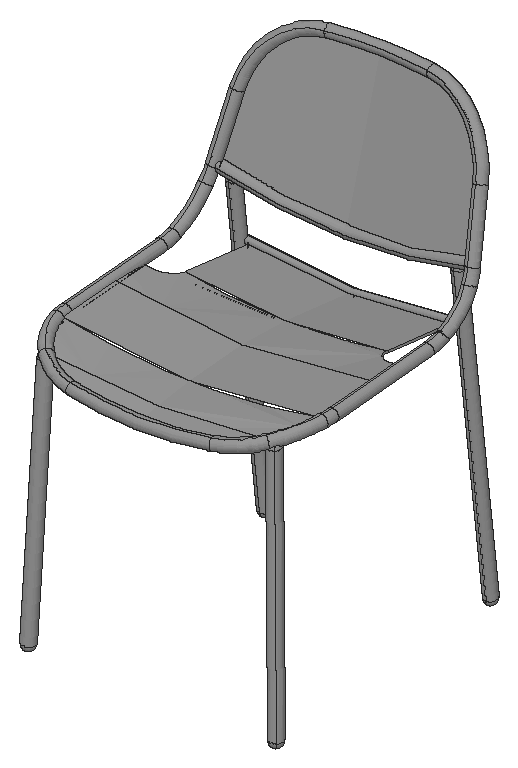
Revit family "Chair_Grille_Gohome_R18", category Furniture, Revit 2018
Family settings
  OmniClass Number = 23.40.20.00
  OmniClass Title = General Furniture and Specialties
  Work Plane-Based = No
  Always vertical = Yes
  Cut with Voids When Loaded = No
  Shared = No
  Room Calculation Point = No
Parameters (values of type "Stone Grey")
  Width = 480 mm
  Website = "www.gohome.com.au"
  Type Image = <None>
  Supplier = "Gohome"
  Model by = "Chris:p Soul"
  Mesh_Finish = Grille Chair_Stone Grey Mesh
  Design By = "Marcel Sigel"
  Description = "Grille Chair"
  Depth = 525 mm
  Contact = "+61 2 9565 5510"
  Frame_Finish = Grille Chair_Stone Grey
Types (5, lengths in mm): name | Mesh_Finish | Frame_Finish
  (no name) | Grille Chair_Stone Grey Mesh | Grille Chair_Stone Grey
  Matt White | Grille Chair_Matt White Mesh | Grille Chair_Matt White
  Matt Black | Grille Chair_Matt Black Mesh | Grille Chair_Matt Black
  Stone Grey | Grille Chair_Stone Grey Mesh | Grille Chair_Stone Grey
  Resada Green | Grille Chair_Resada Green Mesh | Grille Chair_Reseda Green
Reference planes
  plane 1 "Center (Front/Back)": y = 0
  plane 2: z = 0
  plane 3 "Center (Left/Right)": x = 0
  plane 4 "N": y = 262.5
  plane 5 "S": y = -262.5
  plane 6 "W": x = -240
  plane 7 "E": x = 240
  plane 8: z = 440
  plane 9: z = 780
Forms (mm)
  Sweep 1, solid, material "Grille Chair_Stone Grey" <- "Frame_Finish", not visible
    path origin (-820.668, 0, 203.554) x (1, 0, 0) y (0, 0, 1)
      loop
        line (570.733, 528.012) -> (1070.733, 528.012)
    profile origin (0.064, 0, 731.566) x (0, 0, 1) y (0, -1, 0)
      loop
        line (-108.623, -166.536) -> (-260.858, -119.994)
        arc (-260.858, -119.994) -> (-292.764, -96.598) -> (-303.169, -58.426) r 60
        line (-303.169, -58.426) -> (-281.263, 254.522)
        spline (-281.263, 254.522) -> (-281.257, 255.829) -> (-281.423, 257.125) -> (-281.756, 258.388) -> (-282.251, 259.598) -> (-282.9, 260.732) -> (-283.692, 261.772) -> (-284.613, 262.7) -> (-285.647, 263.5) -> (-286.777, 264.159) -> (-287.983, 264.664) -> (-289.245, 265.008) -> (-290.541, 265.184)
        line (-290.541, 265.184) -> (-291.834, 265.274) -> (-734.459, 296.194) -> (-734.459, 273.901) -> (-307.017, 244.042) -> (-328.425, -61.794)
        spline (-328.425, -61.794) -> (-328.303, -70.544) -> (-327.224, -79.228) -> (-325.201, -87.742) -> (-322.259, -95.984) -> (-318.432, -103.855) -> (-313.766, -111.261) -> (-308.318, -118.113) -> (-302.152, -124.329) -> (-295.344, -129.834) -> (-287.973, -134.563) -> (-280.129, -138.458) -> (-271.906, -141.473)
        line (-271.906, -141.473) -> (-110.496, -190.84)
        arc (-110.496, -190.84) -> (-107.722, -190.42) -> (-106.509, -187.89) r 3
        line (-106.509, -187.89) -> (-106.509, -169.182)
        spline (-106.509, -169.182) -> (-106.546, -168.884) -> (-106.613, -168.592) -> (-106.708, -168.308) -> (-106.831, -168.035) -> (-106.981, -167.775) -> (-107.156, -167.532) -> (-107.355, -167.308) -> (-107.575, -167.104) -> (-107.814, -166.924) -> (-108.07, -166.768) -> (-108.341, -166.638) -> (-108.623, -166.536)
  Extrusion 2, void, not visible
    sketch origin (0, 0, 0) x (1, 0, 0) y (0, 0, 1)
      loop
        line (-241.599, -65) -> (-195.458, 594.851)
        arc (-195.458, 594.851) -> (-185.991, 614.699) -> (-165.531, 622.758) r 30
        line (-165.531, 622.758) -> (165.862, 622.758)
        arc (165.862, 622.758) -> (186.322, 614.699) -> (195.789, 594.851) r 30
        line (195.789, 594.851) -> (241.93, -65) -> (367.21, -65) -> (367.21, 835.06) -> (13.239, 835.06) -> (-366.879, 835.06) -> (-366.879, -65) -> (-241.599, -65)
    from -326.217 to 362.964
  Sweep 3, solid, material "Grille Chair_Stone Grey" <- "Frame_Finish", not visible
    path origin (204.953, 265.712, 0) x (0, 1, 0) y (0, 0, 1)
      loop
        line (-34.577, 782.317) -> (-117.45, 511.254)
        arc (-117.45, 511.254) -> (-126.491, 462.205) -> (-124.17, 412.384) r 218.426
        line (-124.17, 412.384) -> (-57.209, 0)
    profile origin (204.953, 175.022, 206.192) x (0, 0.987072, 0.160277) y (1, 0, 0)
      loop
        line (-15.179, -204.922) -> (-15.179, -488.636) -> (5.708, -488.577) -> (5.708, -205.248) -> (5.708, 78.671) -> (-15.179, 78.729) -> (-15.179, -204.922)
  Extrusion 4, void, not visible
    sketch origin (0, 0, 0) x (1, 0, 0) y (0, 0, 1)
      loop
        arc (-274.397, 10.698) -> (-271.735, 3.18) -> (-264.422, 0) r 10
        line (-264.422, 0) -> (-246.379, 0)
        arc (-246.379, 0) -> (-239.565, 2.681) -> (-236.405, 9.288) r 10
        line (-236.405, 9.288) -> (-190.907, 659.94)
        arc (-190.907, 659.94) -> (-181.44, 679.788) -> (-160.98, 687.847) r 30
        line (-160.98, 687.847) -> (161.311, 687.847)
        arc (161.311, 687.847) -> (181.771, 679.788) -> (191.238, 659.94) r 30
        line (191.238, 659.94) -> (236.735, 9.297)
        arc (236.735, 9.297) -> (239.892, 2.685) -> (246.71, 0) r 10
        line (246.71, 0) -> (264.753, 0)
        arc (264.753, 0) -> (272.066, 3.18) -> (274.729, 10.698) r 10
        line (274.729, 10.698) -> (227.031, 692.802)
        arc (227.031, 692.802) -> (198.63, 752.346) -> (137.25, 776.524) r 90
        line (137.25, 776.524) -> (-136.919, 776.524)
        arc (-136.919, 776.524) -> (-198.299, 752.346) -> (-226.7, 692.802) r 90
        line (-226.7, 692.802) -> (-274.397, 10.698)
      loop
        line (13.239, 835.06) -> (-366.879, 835.06) -> (-366.879, -40) -> (-281.505, -40) -> (285.751, -40) -> (367.21, -40) -> (367.21, 835.06) -> (13.239, 835.06)
    from -424.588 to 138.074
  Extrusion 5, void, not visible
    sketch origin (0, -690, 0) x (1, 0, 0) y (0, 0, 1)
      loop
        arc (-198.311, 9.302) -> (-201.468, 2.686) -> (-208.288, 0) r 10
        line (-208.288, 0) -> (-226.33, 0)
        arc (-226.33, 0) -> (-233.644, 3.18) -> (-236.306, 10.698) r 10
        line (-236.306, 10.698) -> (-241.795, -67.79) -> (242.126, -67.79) -> (236.637, 10.698)
        arc (236.637, 10.698) -> (233.975, 3.18) -> (226.662, 0) r 10
        line (226.662, 0) -> (208.619, 0)
        arc (208.619, 0) -> (201.799, 2.686) -> (198.642, 9.302) r 10
        line (198.642, 9.302) -> (170.465, 412.258)
        arc (170.465, 412.258) -> (167.309, 418.874) -> (160.489, 421.561) r 10
        line (160.489, 421.561) -> (-160.158, 421.561)
        arc (-160.158, 421.561) -> (-166.978, 418.874) -> (-170.133, 412.258) r 10
        line (-170.133, 412.258) -> (-198.311, 9.302)
    from -445.955 to -356.965
  Extrusion 6, void
    sketch origin (970.024, 0, 0) x (1, 0, 0) y (0, 1, 0)
      loop
        line (-710.024, -277.612) -> (-710.024, 367.509) -> (-1230.024, 367.509) -> (-1230.024, -277.612) -> (-710.024, -277.612)
      loop
        line (-1141.382, 237.509) -> (-1141.382, 63.345)
        arc (-1141.382, 63.345) -> (-1151.633, 38.596) -> (-1176.382, 28.345) r 35
        line (-1176.382, 28.345) -> (-1196.705, 28.345) -> (-1196.705, -124.516)
        arc (-1196.705, -124.516) -> (-1166.55, -204.064) -> (-1091.241, -243.632) r 120
        arc (-1091.241, -243.632) -> (-971.546, -250.908) -> (-851.852, -243.632) r 988.172
        arc (-851.852, -243.632) -> (-776.542, -204.064) -> (-746.387, -124.516) r 120
        line (-746.387, -124.516) -> (-746.387, 28.345) -> (-766.579, 28.345)
        arc (-766.579, 28.345) -> (-791.328, 38.596) -> (-801.579, 63.345) r 35
        line (-801.579, 63.345) -> (-801.579, 237.509) -> (-1141.382, 237.509)
    from 0 to 494.702
  Extrusion 7, void
    sketch origin (0, 0, 0) x (1, 0, 0) y (0, 0, 1)
      loop
        arc (-218.502, 556.051) -> (0, 524.274) -> (218.502, 556.051) r 767.098
        line (218.502, 556.051) -> (205.13, 659.014)
        arc (205.13, 659.014) -> (166.025, 734.703) -> (87.505, 767.792) r 125
        arc (87.505, 767.792) -> (-0.028, 770) -> (-87.559, 767.752) r 1720.436
        arc (-87.559, 767.752) -> (-166.045, 734.684) -> (-205.13, 659.014) r 125
        line (-205.13, 659.014) -> (-218.502, 556.051)
      loop
        line (-293.748, 440) -> (-30.536, 440) -> (306.252, 440) -> (306.252, 830.584) -> (-293.748, 830.584) -> (-293.748, 440)
    from -459.555 to 250
  Sweep 8, solid, material "Grille Chair_Stone Grey Mesh" <- "Mesh_Finish"
    path origin (0, 0, 0) x (0, 1, 0) y (0, 0, 1)
      loop
        line (201.426, 449.963) -> (62.06, 467.708)
        arc (62.06, 467.708) -> (14.777, 471.589) -> (-32.665, 471.228) r 530.252
        line (-32.665, 471.228) -> (-144.146, 465.386)
        arc (-144.146, 465.386) -> (-178.913, 462.344) -> (-213.383, 456.884) r 500
        line (-213.383, 456.884) -> (-262.5, 447.337)
    profile origin (0, -88.405, 468.307) x (0, 0.052336, -0.99863) y (1, 0, 0)
      loop
        line (-5, -240) -> (-2, -240)
        arc (-2, -240) -> (24.501, 0) -> (-2, 240) r 1100
        line (-2, 240) -> (-5, 240)
        arc (-5, 240) -> (21.501, 0) -> (-5, -240) r 1100
  Sweep 9, solid, material "Grille Chair_Stone Grey" <- "Frame_Finish"
    path in 3D
      loop
        arc (225.159, 107.315, 480.707) -> (225.159, 91.845, 476.484) -> (225.159, 75.931, 474.504) r 112.412
        line (225.159, 75.931, 474.504) -> (225.159, -124.516, 463.999)
        spline (225.159, -124.516, 463.999) -> (225.148, -126.151, 463.912) -> (225.114, -127.785, 463.821) -> (225.059, -129.416, 463.727) -> (224.981, -131.045, 463.629) -> (224.882, -132.673, 463.528) -> (224.76, -134.298, 463.424) -> (224.616, -135.921, 463.316) -> (224.45, -137.542, 463.205) -> (224.262, -139.161, 463.091) -> (224.052, -140.779, 462.973) -> (223.82, -142.394, 462.852) -> (223.566, -144.007, 462.728)
        spline (223.566, -144.007, 462.728) -> (222.314, -150.493, 462.144) -> (220.711, -156.885, 461.439) -> (218.765, -163.165, 460.61) -> (216.483, -169.314, 459.662) -> (213.877, -175.314, 458.604) -> (210.955, -181.148, 457.451) -> (207.729, -186.801, 456.214) -> (204.209, -192.259, 454.908) -> (200.405, -197.51, 453.546) -> (196.33, -202.54, 452.136) -> (191.996, -207.337, 450.683) -> (187.416, -211.887, 449.191)
        spline (187.416, -211.887, 449.191) -> (182.713, -216.089, 447.758) -> (177.815, -220.022, 446.368) -> (172.718, -223.692, 445.023) -> (167.419, -227.1, 443.723) -> (161.931, -230.236, 442.474) -> (156.271, -233.086, 441.284) -> (150.457, -235.638, 440.158) -> (144.51, -237.881, 439.102) -> (138.451, -239.805, 438.123) -> (132.298, -241.404, 437.224) -> (126.048, -242.679, 436.407) -> (119.694, -243.632, 435.671)
        spline (119.694, -243.632, 435.671) -> (99.866, -245.851, 433.706) -> (79.979, -247.668, 432.094) -> (60.039, -249.083, 430.837) -> (40.055, -250.095, 429.938) -> (20.037, -250.704, 429.397) -> (0.002, -250.907, 429.216) -> (-20.035, -250.705, 429.396) -> (-40.057, -250.096, 429.937) -> (-60.048, -249.082, 430.838) -> (-79.989, -247.666, 432.095) -> (-99.871, -245.85, 433.707) -> (-119.694, -243.632, 435.671)
        spline (-119.694, -243.632, 435.671) -> (-126.048, -242.679, 436.407) -> (-132.298, -241.404, 437.224) -> (-138.451, -239.805, 438.123) -> (-144.51, -237.881, 439.102) -> (-150.457, -235.638, 440.158) -> (-156.271, -233.086, 441.284) -> (-161.931, -230.236, 442.474) -> (-167.419, -227.1, 443.723) -> (-172.718, -223.692, 445.023) -> (-177.815, -220.022, 446.368) -> (-182.713, -216.089, 447.758) -> (-187.416, -211.887, 449.191)
        spline (-187.416, -211.887, 449.191) -> (-191.997, -207.336, 450.679) -> (-196.332, -202.539, 452.127) -> (-200.406, -197.509, 453.539) -> (-204.209, -192.26, 454.909) -> (-207.728, -186.802, 456.22) -> (-210.954, -181.147, 457.457) -> (-213.876, -175.311, 458.608) -> (-216.483, -169.311, 459.663) -> (-218.765, -163.164, 460.611) -> (-220.711, -156.885, 461.439) -> (-222.314, -150.493, 462.144) -> (-223.566, -144.007, 462.728)
        spline (-223.566, -144.007, 462.728) -> (-223.82, -142.394, 462.852) -> (-224.052, -140.779, 462.973) -> (-224.262, -139.161, 463.091) -> (-224.45, -137.542, 463.205) -> (-224.616, -135.921, 463.316) -> (-224.76, -134.298, 463.424) -> (-224.882, -132.673, 463.528) -> (-224.981, -131.045, 463.629) -> (-225.059, -129.416, 463.727) -> (-225.114, -127.785, 463.821) -> (-225.148, -126.151, 463.912) -> (-225.159, -124.516, 463.999)
        line (-225.159, -124.516, 463.999) -> (-225.159, 75.931, 474.504)
        arc (-225.159, 75.931, 474.504) -> (-225.159, 89.549, 476.055) -> (-225.159, 102.877, 479.251) r 112.412
        spline (-225.159, 102.877, 479.251) -> (-225.153, 109.557, 481.524) -> (-225.128, 116.052, 484.19) -> (-225.078, 122.37, 487.255) -> (-224.993, 128.498, 490.711) -> (-224.863, 134.403, 494.539) -> (-224.679, 140.059, 498.72) -> (-224.43, 145.446, 503.236) -> (-224.107, 150.545, 508.065) -> (-223.699, 155.339, 513.187) -> (-223.196, 159.809, 518.581) -> (-222.59, 163.942, 524.226) -> (-221.87, 167.741, 530.122)
        spline (-221.87, 167.741, 530.122) -> (-221.625, 168.852, 532.007) -> (-221.378, 169.926, 533.908) -> (-221.129, 170.961, 535.828) -> (-220.877, 171.959, 537.765) -> (-220.623, 172.919, 539.719) -> (-220.367, 173.841, 541.692) -> (-220.109, 174.726, 543.681) -> (-219.848, 175.572, 545.689) -> (-219.585, 176.381, 547.714) -> (-219.32, 177.151, 549.756) -> (-219.052, 177.884, 551.816) -> (-218.782, 178.579, 553.894)
        line (-218.782, 178.579, 553.894) -> (-205.13, 212.522, 659.014)
        spline (-205.13, 212.522, 659.014) -> (-202.484, 217.165, 673.049) -> (-198.277, 221.892, 686.633) -> (-192.547, 226.653, 699.665) -> (-185.367, 231.364, 711.965) -> (-176.807, 235.955, 723.407) -> (-166.956, 240.342, 733.834) -> (-155.908, 244.445, 743.112) -> (-143.775, 248.183, 751.108) -> (-130.7, 251.474, 757.685) -> (-116.829, 254.241, 762.721) -> (-102.4, 256.406, 766.097) -> (-87.559, 257.925, 767.752)
        spline (-87.559, 257.925, 767.752) -> (-72.998, 258.976, 768.436) -> (-58.421, 259.836, 768.996) -> (-43.833, 260.506, 769.433) -> (-29.235, 260.986, 769.746) -> (-14.632, 261.274, 769.935) -> (-0.026, 261.371, 770) -> (14.58, 261.276, 769.941) -> (29.183, 260.991, 769.759) -> (43.78, 260.514, 769.453) -> (58.368, 259.847, 769.022) -> (72.944, 258.989, 768.469) -> (87.505, 257.941, 767.792)
        spline (87.505, 257.941, 767.792) -> (102.357, 256.413, 766.109) -> (116.791, 254.246, 762.729) -> (130.667, 251.481, 757.697) -> (143.742, 248.191, 751.123) -> (155.888, 244.451, 743.124) -> (166.943, 240.347, 733.845) -> (176.798, 235.959, 723.417) -> (185.361, 231.369, 711.977) -> (192.544, 226.656, 699.671) -> (198.276, 221.893, 686.634) -> (202.485, 217.164, 673.046) -> (205.13, 212.522, 659.014)
        line (205.13, 212.522, 659.014) -> (218.782, 178.579, 553.894)
        spline (218.782, 178.579, 553.894) -> (219.052, 177.884, 551.816) -> (219.32, 177.151, 549.756) -> (219.585, 176.381, 547.714) -> (219.848, 175.572, 545.689) -> (220.109, 174.726, 543.681) -> (220.367, 173.841, 541.692) -> (220.623, 172.919, 539.719) -> (220.877, 171.959, 537.765) -> (221.129, 170.961, 535.828) -> (221.378, 169.926, 533.908) -> (221.625, 168.852, 532.007) -> (221.87, 167.741, 530.122)
        spline (221.87, 167.741, 530.122) -> (222.582, 163.995, 524.303) -> (223.181, 159.927, 518.733) -> (223.679, 155.531, 513.406) -> (224.087, 150.816, 508.336) -> (224.411, 145.801, 503.55) -> (224.662, 140.506, 499.073) -> (224.848, 134.953, 494.924) -> (224.981, 129.161, 491.117) -> (225.069, 123.152, 487.67) -> (225.123, 116.947, 484.595) -> (225.15, 110.568, 481.908) -> (225.159, 104.017, 479.607)
    profile origin (-224.679, 140.059, 498.72) x (-0.038701, 0.61928, -0.784216) y (-0.998784, 0.000001, 0.049291)
      loop
        circle (0, 0) r 10
  Sweep 10, solid, material "Grille Chair_Stone Grey Mesh" <- "Mesh_Finish"
    path origin (0, 0, 0) x (0, 1, 0) y (0, 0, 1)
      loop
        line (159.448, 502.449) -> (243.502, 780)
    profile origin (0, 201.475, 641.224) x (0, -0.957074, 0.289844) y (1, 0, 0)
      loop
        arc (0, -240) -> (-20, 0) -> (0, 240) r 1450
        line (0, 240) -> (-2, 240)
        arc (-2, 240) -> (-22, 0) -> (-2, -240) r 1450
        line (-2, -240) -> (0, -240)
  Sweep 11, solid, material "Grille Chair_Stone Grey" <- "Frame_Finish"
    path in 3D
      loop
        spline (218.502, 181.367, 556.051) -> (182.891, 183.643, 546.395) -> (146.859, 185.55, 538.463) -> (110.467, 187.062, 532.27) -> (73.796, 188.157, 527.832) -> (36.943, 188.822, 525.164) -> (0.001, 189.043, 524.274) -> (-36.941, 188.822, 525.164) -> (-73.794, 188.157, 527.832) -> (-110.465, 187.062, 532.27) -> (-146.858, 185.55, 538.462) -> (-182.891, 183.643, 546.395) -> (-218.502, 181.367, 556.051)
    profile origin (0.001, 189.043, 524.274) x (0, 1, 0) y (0.000002, 0, -1)
      loop
        circle (0, 0) r 10
  Sweep 12, solid, material "Grille Chair_Stone Grey" <- "Frame_Finish"
    path in 3D
      loop
        arc (195.056, 200.912, 445.927) -> (0.418, 198.711, 428.635) -> (-194.233, 200.894, 445.78) r 1100
    profile origin (0.418, 198.711, 428.635) x (-0.00038, 0.126305, 0.991991) y (0, 0.991991, -0.126305)
      loop
        circle (0, 0) r 6
  Revolve 13, solid, material "Grille Chair_Stone Grey" <- "Frame_Finish"
    sketch origin (-190.147, 13.606, 0) x (0, 1, 0) y (0, 0, 1)
      loop
        line (239.866, -0.042) -> (171.171, 549.663)
        arc (171.171, 549.663) -> (164.128, 545.399) -> (162.017, 537.441) r 11
        line (162.017, 537.441) -> (227.986, 9.551)
        arc (227.986, 9.551) -> (231.99, 2.357) -> (239.866, -0.042) r 11
      axis (171.171, 549.663) -> (239.866, -0.042)
    angle from 0 to 360
  Revolve 14, solid, material "Grille Chair_Stone Grey" <- "Frame_Finish"
    sketch origin (-31.518, -45.93, 0) x (-0.707107, -0.707107, 0) y (0, 0, 1)
      loop
        line (251.238, -0.732) -> (227.542, 450.853)
        arc (227.542, 450.853) -> (219.943, 447.228) -> (217.133, 439.292) r 11
        line (217.133, 439.292) -> (239.677, 9.676)
        arc (239.677, 9.676) -> (243.301, 2.078) -> (251.238, -0.732) r 11
      axis (227.542, 450.853) -> (251.238, -0.732)
    angle from 0 to 360
  Revolve 15, solid, material "Grille Chair_Stone Grey" <- "Frame_Finish"
    sketch origin (190.147, 13.606, 0) x (0, 1, 0) y (0, 0, -1)
      loop
        arc (239.866, 0.042) -> (231.99, -2.357) -> (227.986, -9.551) r 11
        line (227.986, -9.551) -> (162.017, -537.441)
        arc (162.017, -537.441) -> (164.128, -545.399) -> (171.171, -549.663) r 11
        line (171.171, -549.663) -> (239.866, 0.042)
      axis (171.171, -549.663) -> (239.866, 0.042)
    angle from 0 to 360
  Revolve 16, solid, material "Grille Chair_Stone Grey" <- "Frame_Finish"
    sketch origin (31.518, -45.93, 0) x (0.707107, -0.707107, 0) y (0, 0, -1)
      loop
        arc (251.238, 0.732) -> (243.301, -2.078) -> (239.677, -9.676) r 11
        line (239.677, -9.676) -> (217.133, -439.292)
        arc (217.133, -439.292) -> (219.943, -447.228) -> (227.542, -450.853) r 11
        line (227.542, -450.853) -> (251.238, 0.732)
      axis (227.542, -450.853) -> (251.238, 0.732)
    angle from 0 to 360
Cuts and joins
  Extrusion 7 cuts Sweep 10
  Extrusion 6 cuts Sweep 8
Lines and regions (mm)
  Masking region 1, not visible
    outline origin (0, 0, 0) x (1, 0, 0) y (0, 1, 0)
      loop
        line (-3751.129, -1414.691) -> (-3665.81, -901.196) -> (-3670.036, -892.744)
        arc (-3670.036, -892.744) -> (-3671.226, -891.137) -> (-3672.892, -890.031) r 5.785
        line (-3672.892, -890.031) -> (-3685.183, -884.654) -> (-3772.748, -1411.097)
        arc (-3772.748, -1411.097) -> (-3763.736, -1423.704) -> (-3751.129, -1414.691) r 10.958
  Masking region 2, not visible
    outline origin (0, 0, 0) x (1, 0, 0) y (0, 1, 0)
      loop
        arc (-3548.688, -952.131) -> (-3614.338, -928.943) -> (-3654.021, -871.734) r 113.27
        arc (-3654.021, -871.734) -> (-3673.554, -804.382) -> (-3693.822, -737.248) r 6413.708
        arc (-3693.822, -737.248) -> (-3713.953, -692.494) -> (-3744.457, -654.053) r 198.327
        arc (-3744.457, -654.053) -> (-3746.72, -652.298) -> (-3749.327, -651.113) r 12.326
        line (-3749.327, -651.113) -> (-3762.386, -646.926)
        arc (-3762.386, -646.926) -> (-3775.253, -654.854) -> (-3767.996, -668.111) r 10.972
        line (-3767.996, -668.111) -> (-3756.475, -671.805)
        arc (-3756.475, -671.805) -> (-3733.182, -699.427) -> (-3718.101, -732.261) r 134.239
        arc (-3718.101, -732.261) -> (-3695.851, -806.447) -> (-3674.226, -880.818) r 9202.941
        arc (-3674.226, -880.818) -> (-3626.553, -947.286) -> (-3549.285, -974.123) r 135.27
      loop
        line (-3549.287, -974.215) -> (-3506.194, -975.385)
        arc (-3506.194, -975.385) -> (-3447.552, -978.308) -> (-3388.87, -980.313) r 3753.977
        arc (-3388.87, -980.313) -> (-3333.094, -985.655) -> (-3278.587, -998.638) r 405.388
        arc (-3278.587, -998.638) -> (-3272.382, -1001.364) -> (-3266.93, -1005.389) r 30.594
        arc (-3266.93, -1005.389) -> (-3255.088, -1000.985) -> (-3255.338, -988.353) r 10.914
        arc (-3255.338, -988.353) -> (-3262.959, -981.873) -> (-3272.023, -977.64) r 37.465
        arc (-3272.023, -977.64) -> (-3329.488, -963.953) -> (-3388.291, -958.32) r 427.388
        arc (-3388.291, -958.32) -> (-3446.796, -956.32) -> (-3505.261, -953.403) r 3731.977
        line (-3505.261, -953.403) -> (-3548.69, -952.223)
  Masking region 3, not visible
    outline origin (0, 0, 0) x (1, 0, 0) y (0, 1, 0)
      loop
        line (-3748.301, -679.859) -> (-3700.321, -887.597) -> (-3677.002, -871.137)
        arc (-3677.002, -871.137) -> (-3697.278, -801.618) -> (-3718.101, -732.261) r 9202.941
        arc (-3718.101, -732.261) -> (-3730.211, -704.337) -> (-3748.301, -679.859) r 134.239
  Masking region 4, not visible
    outline origin (0, 0, 0) x (1, 0, 0) y (0, 1, 0)
      loop
        line (-3310.838, -990.461) -> (-3295.207, -1413.381)
        arc (-3295.207, -1413.381) -> (-3284.213, -1424.374) -> (-3273.22, -1413.381) r 10.993
        line (-3273.22, -1413.381) -> (-3288.884, -988.529)
        arc (-3288.884, -988.529) -> (-3289.772, -984.422) -> (-3292.022, -980.873) r 11.993
        arc (-3292.022, -980.873) -> (-3300.196, -988.088) -> (-3310.838, -990.461) r 21.871
  Masking region 5, not visible
    outline origin (0, 0, 0) x (1, 0, 0) y (0, 1, 0)
      loop
        arc (-3713.68, -897.891) -> (-3716.881, -912.035) -> (-3703.281, -917.07) r 11.004
        line (-3703.281, -917.07) -> (-3669.431, -893.375)
        arc (-3669.431, -893.375) -> (-3673.685, -882.443) -> (-3676.975, -871.184) r 135.27
        line (-3676.975, -871.184) -> (-3713.68, -897.891)
  Masking region 6, not visible
    outline origin (0, 0, 0) x (1, 0, 0) y (0, 1, 0)
      loop
        arc (-3326.24, -986.855) -> (-3357.428, -982.366) -> (-3388.87, -980.313) r 405.388
        arc (-3388.87, -980.313) -> (-3447.552, -978.308) -> (-3506.194, -975.385) r 3753.977
        line (-3506.194, -975.385) -> (-3559.011, -973.951) -> (-3677.899, -973.951) -> (-3683.256, -1006.192) -> (-3326.24, -986.855)
  Masking region 7
    outline origin (0, 2.579, 80.241) x (0, 1, 0) y (0, 0, 1)
      loop
        arc (32.99, 394.318) -> (98.64, 417.507) -> (138.324, 474.715) r 113.27
        arc (138.324, 474.715) -> (157.856, 542.067) -> (178.124, 609.201) r 6413.708
        arc (178.124, 609.201) -> (198.255, 653.955) -> (228.759, 692.396) r 198.327
        arc (228.759, 692.396) -> (231.022, 694.151) -> (233.629, 695.336) r 12.326
        line (233.629, 695.336) -> (246.688, 699.523)
        arc (246.688, 699.523) -> (259.555, 691.596) -> (252.299, 678.338) r 10.972
        line (252.299, 678.338) -> (240.777, 674.644)
        arc (240.777, 674.644) -> (217.485, 647.022) -> (202.403, 614.188) r 134.239
        arc (202.403, 614.188) -> (180.153, 540.002) -> (158.528, 465.631) r 9202.941
        arc (158.528, 465.631) -> (110.856, 399.164) -> (33.587, 372.326) r 135.27
      loop
        line (33.59, 372.234) -> (-9.503, 371.064)
        arc (-9.503, 371.064) -> (-68.146, 368.142) -> (-126.827, 366.137) r 3753.977
        arc (-126.827, 366.137) -> (-182.603, 360.794) -> (-237.11, 347.812) r 405.388
        arc (-237.11, 347.812) -> (-243.315, 345.086) -> (-248.768, 341.06) r 30.594
        arc (-248.768, 341.06) -> (-260.609, 345.464) -> (-260.359, 358.096) r 10.914
        arc (-260.359, 358.096) -> (-252.738, 364.577) -> (-243.674, 368.81) r 37.465
        arc (-243.674, 368.81) -> (-186.209, 382.497) -> (-127.406, 388.129) r 427.388
        arc (-127.406, 388.129) -> (-68.902, 390.129) -> (-10.436, 393.047) r 3731.977
        line (-10.436, 393.047) -> (32.993, 394.226)
  Masking region 8
    outline origin (0, 77.293, -25.734) x (0, 1, 0) y (0, 0, 1)
      loop
        arc (159.399, 35.481) -> (172.005, 26.468) -> (181.017, 39.075) r 10.958
        line (181.017, 39.075) -> (93.452, 565.519) -> (81.161, 560.141)
        arc (81.161, 560.141) -> (79.495, 559.035) -> (78.306, 557.429) r 5.785
        line (78.306, 557.429) -> (74.08, 548.976) -> (159.399, 35.481)
  Masking region 9
    outline origin (0, -79.847, -26.467) x (0, 1, 0) y (0, 0, 1)
      loop
        line (280.498, 555.531) -> (243.793, 582.238)
        arc (243.793, 582.238) -> (240.503, 570.979) -> (236.249, 560.047) r 135.27
        line (236.249, 560.047) -> (270.099, 536.352)
        arc (270.099, 536.352) -> (283.699, 541.387) -> (280.498, 555.531) r 11.004
  Masking region 10
    outline origin (0, 0, 0) x (0, 1, 0) y (0, 0, 1)
      loop
        line (-188.388, 439.749) -> (168.628, 420.412) -> (163.271, 452.653) -> (44.383, 452.653) -> (-8.433, 451.219)
        arc (-8.433, 451.219) -> (-67.076, 448.296) -> (-125.757, 446.291) r 3753.977
        arc (-125.757, 446.291) -> (-157.2, 444.238) -> (-188.388, 439.749) r 405.388
  Masking region 11
    outline origin (0, 0, 0) x (0, 1, 0) y (0, 0, 1)
      loop
        arc (-212.27, 433.913) -> (-222.911, 436.285) -> (-231.086, 443.5) r 21.871
        arc (-231.086, 443.5) -> (-233.336, 439.952) -> (-234.224, 435.845) r 11.993
        line (-234.224, 435.845) -> (-249.887, 10.993)
        arc (-249.887, 10.993) -> (-238.894, 0) -> (-227.901, 10.993) r 10.993
        line (-227.901, 10.993) -> (-212.27, 433.913)
  Masking region 12
    outline origin (0, 0, 0) x (0, 1, 0) y (0, 0, 1)
      loop
        arc (235.299, 747.009) -> (217.209, 722.531) -> (205.099, 694.607) r 134.239
        arc (205.099, 694.607) -> (184.276, 625.25) -> (164, 555.731) r 9202.941
        line (164, 555.731) -> (187.319, 539.271) -> (235.299, 747.009)
  sketch lines
    curve 1: spline (-225.159, 102.877, 479.251) -> (-225.153, 109.557, 481.524) -> (-225.128, 116.052, 484.19) -> (-225.078, 122.37, 487.255) -> (-224.993, 128.498, 490.711) -> (-224.863, 134.403, 494.539) -> (-224.679, 140.059, 498.72) -> (-224.43, 145.446, 503.236) -> (-224.107, 150.545, 508.065) -> (-223.699, 155.339, 513.187) -> (-223.196, 159.809, 518.581) -> (-222.59, 163.942, 524.226) -> (-221.87, 167.741, 530.122)
    curve 2: arc (-225.159, 102.877, 479.251) -> (-225.159, 89.549, 476.055) -> (-225.159, 75.931, 474.504) r 112.412
    curve 3: line (-225.159, 75.931, 474.504) -> (-225.159, -124.516, 463.999)
    curve 4: spline (-218.782, 178.579, 553.894) -> (-217.645, 181.411, 562.648) -> (-216.508, 184.243, 571.404) -> (-215.371, 187.074, 580.16) -> (-214.234, 189.904, 588.917) -> (-213.096, 192.733, 597.676) -> (-211.959, 195.562, 606.435) -> (-210.821, 198.39, 615.196) -> (-209.683, 201.218, 623.957) -> (-208.545, 204.045, 632.72) -> (-207.407, 206.871, 641.484) -> (-206.269, 209.697, 650.248) -> (-205.13, 212.522, 659.014)
    curve 5: spline (-221.87, 167.741, 530.122) -> (-221.625, 168.852, 532.007) -> (-221.378, 169.926, 533.908) -> (-221.129, 170.961, 535.828) -> (-220.877, 171.959, 537.765) -> (-220.623, 172.919, 539.719) -> (-220.367, 173.841, 541.692) -> (-220.109, 174.726, 543.681) -> (-219.848, 175.572, 545.689) -> (-219.585, 176.381, 547.714) -> (-219.32, 177.151, 549.756) -> (-219.052, 177.884, 551.816) -> (-218.782, 178.579, 553.894)
    curve 6: spline (-87.559, 257.925, 767.752) -> (-102.4, 256.406, 766.097) -> (-116.829, 254.241, 762.721) -> (-130.7, 251.474, 757.685) -> (-143.775, 248.183, 751.108) -> (-155.908, 244.445, 743.112) -> (-166.956, 240.342, 733.834) -> (-176.807, 235.955, 723.407) -> (-185.367, 231.364, 711.965) -> (-192.547, 226.653, 699.665) -> (-198.277, 221.892, 686.633) -> (-202.484, 217.165, 673.049) -> (-205.13, 212.522, 659.014)
    curve 7: spline (87.505, 257.941, 767.792) -> (72.944, 258.989, 768.469) -> (58.368, 259.847, 769.022) -> (43.78, 260.514, 769.453) -> (29.183, 260.991, 769.759) -> (14.58, 261.276, 769.941) -> (-0.026, 261.371, 770) -> (-14.632, 261.274, 769.935) -> (-29.235, 260.986, 769.746) -> (-43.833, 260.506, 769.433) -> (-58.421, 259.836, 768.996) -> (-72.998, 258.976, 768.436) -> (-87.559, 257.925, 767.752)
    curve 8: spline (-225.159, -124.516, 463.999) -> (-225.148, -126.151, 463.912) -> (-225.114, -127.785, 463.821) -> (-225.059, -129.416, 463.727) -> (-224.981, -131.045, 463.629) -> (-224.882, -132.673, 463.528) -> (-224.76, -134.298, 463.424) -> (-224.616, -135.921, 463.316) -> (-224.45, -137.542, 463.205) -> (-224.262, -139.161, 463.091) -> (-224.052, -140.779, 462.973) -> (-223.82, -142.394, 462.852) -> (-223.566, -144.007, 462.728)
    curve 9: spline (-187.416, -211.887, 449.191) -> (-191.997, -207.336, 450.679) -> (-196.332, -202.539, 452.127) -> (-200.406, -197.509, 453.539) -> (-204.209, -192.26, 454.909) -> (-207.728, -186.802, 456.22) -> (-210.954, -181.147, 457.457) -> (-213.876, -175.311, 458.608) -> (-216.483, -169.311, 459.663) -> (-218.765, -163.164, 460.611) -> (-220.711, -156.885, 461.439) -> (-222.314, -150.493, 462.144) -> (-223.566, -144.007, 462.728)
    curve 10: spline (-187.416, -211.887, 449.191) -> (-182.713, -216.089, 447.758) -> (-177.815, -220.022, 446.368) -> (-172.718, -223.692, 445.023) -> (-167.419, -227.1, 443.723) -> (-161.931, -230.236, 442.474) -> (-156.271, -233.086, 441.284) -> (-150.457, -235.638, 440.158) -> (-144.51, -237.881, 439.102) -> (-138.451, -239.805, 438.123) -> (-132.298, -241.404, 437.224) -> (-126.048, -242.679, 436.407) -> (-119.694, -243.632, 435.671)
    curve 11: spline (-119.694, -243.632, 435.671) -> (-99.871, -245.85, 433.707) -> (-79.989, -247.666, 432.095) -> (-60.048, -249.082, 430.838) -> (-40.057, -250.096, 429.937) -> (-20.035, -250.705, 429.396) -> (0.002, -250.907, 429.216) -> (20.037, -250.704, 429.397) -> (40.055, -250.095, 429.938) -> (60.039, -249.083, 430.837) -> (79.979, -247.668, 432.094) -> (99.866, -245.851, 433.706) -> (119.694, -243.632, 435.671)
    curve 12: spline (205.13, 212.522, 659.014) -> (202.485, 217.164, 673.046) -> (198.276, 221.893, 686.634) -> (192.544, 226.656, 699.671) -> (185.361, 231.369, 711.977) -> (176.798, 235.959, 723.417) -> (166.943, 240.347, 733.845) -> (155.888, 244.451, 743.124) -> (143.742, 248.191, 751.123) -> (130.667, 251.481, 757.697) -> (116.791, 254.246, 762.729) -> (102.357, 256.413, 766.109) -> (87.505, 257.941, 767.792)
    curve 13: spline (205.13, 212.522, 659.014) -> (206.269, 209.697, 650.248) -> (207.407, 206.871, 641.484) -> (208.545, 204.045, 632.72) -> (209.683, 201.218, 623.957) -> (210.821, 198.39, 615.196) -> (211.959, 195.562, 606.435) -> (213.096, 192.733, 597.676) -> (214.234, 189.904, 588.917) -> (215.371, 187.074, 580.16) -> (216.508, 184.243, 571.404) -> (217.645, 181.411, 562.648) -> (218.782, 178.579, 553.894)
    curve 14: spline (218.782, 178.579, 553.894) -> (219.052, 177.884, 551.816) -> (219.32, 177.151, 549.756) -> (219.585, 176.381, 547.714) -> (219.848, 175.572, 545.689) -> (220.109, 174.726, 543.681) -> (220.367, 173.841, 541.692) -> (220.623, 172.919, 539.719) -> (220.877, 171.959, 537.765) -> (221.129, 170.961, 535.828) -> (221.378, 169.926, 533.908) -> (221.625, 168.852, 532.007) -> (221.87, 167.741, 530.122)
    curve 15: spline (221.87, 167.741, 530.122) -> (222.582, 163.995, 524.303) -> (223.181, 159.927, 518.733) -> (223.679, 155.531, 513.406) -> (224.087, 150.816, 508.336) -> (224.411, 145.801, 503.55) -> (224.662, 140.506, 499.073) -> (224.848, 134.953, 494.924) -> (224.981, 129.161, 491.117) -> (225.069, 123.152, 487.67) -> (225.123, 116.947, 484.595) -> (225.15, 110.568, 481.908) -> (225.159, 104.017, 479.607)
    curve 16: arc (225.159, 75.931, 474.504) -> (225.159, 91.845, 476.484) -> (225.159, 107.315, 480.707) r 112.412
    curve 17: line (225.159, -124.516, 463.999) -> (225.159, 75.931, 474.504)
    curve 18: spline (223.566, -144.007, 462.728) -> (223.82, -142.394, 462.852) -> (224.052, -140.779, 462.973) -> (224.262, -139.161, 463.091) -> (224.45, -137.542, 463.205) -> (224.616, -135.921, 463.316) -> (224.76, -134.298, 463.424) -> (224.882, -132.673, 463.528) -> (224.981, -131.045, 463.629) -> (225.059, -129.416, 463.727) -> (225.114, -127.785, 463.821) -> (225.148, -126.151, 463.912) -> (225.159, -124.516, 463.999)
    curve 19: spline (223.566, -144.007, 462.728) -> (222.314, -150.493, 462.144) -> (220.711, -156.885, 461.439) -> (218.765, -163.165, 460.61) -> (216.483, -169.314, 459.662) -> (213.877, -175.314, 458.604) -> (210.955, -181.148, 457.451) -> (207.729, -186.801, 456.214) -> (204.209, -192.259, 454.908) -> (200.405, -197.51, 453.546) -> (196.33, -202.54, 452.136) -> (191.996, -207.337, 450.683) -> (187.416, -211.887, 449.191)
    curve 20: spline (119.694, -243.632, 435.671) -> (126.048, -242.679, 436.407) -> (132.298, -241.404, 437.224) -> (138.451, -239.805, 438.123) -> (144.51, -237.881, 439.102) -> (150.457, -235.638, 440.158) -> (156.271, -233.086, 441.284) -> (161.931, -230.236, 442.474) -> (167.419, -227.1, 443.723) -> (172.718, -223.692, 445.023) -> (177.815, -220.022, 446.368) -> (182.713, -216.089, 447.758) -> (187.416, -211.887, 449.191)
    curve 21: spline (218.502, 181.367, 556.051) -> (182.891, 183.643, 546.395) -> (146.859, 185.55, 538.463) -> (110.467, 187.062, 532.27) -> (73.796, 188.157, 527.832) -> (36.943, 188.822, 525.164) -> (0.001, 189.043, 524.274) -> (-36.941, 188.822, 525.164) -> (-73.794, 188.157, 527.832) -> (-110.465, 187.062, 532.27) -> (-146.858, 185.55, 538.462) -> (-182.891, 183.643, 546.395) -> (-218.502, 181.367, 556.051)
    curve 22: arc (195.056, 200.912, 445.927) -> (0.418, 198.711, 428.635) -> (-194.233, 200.894, 445.78) r 1100
Dimensions and locks
  Sweep 3 sketch curve to Sweep 3 sketch curve = 20.617 mm
  "Depth": plane 4 "N" to plane 5 "S"
  "Width": plane 6 "W" to plane 7 "E"
  plane 9 to level = 780 mm
  plane 8 to level = 440 mm
  equal spacing: plane 6 "W", plane 3 "Center (Left/Right)", plane 7 "E"
  equal spacing: plane 4 "N", plane 1 "Center (Front/Back)", plane 5 "S"
  aligned and locked: level to plane 2
Automatic sketch dimensions
  Masking region 1 sketch curve to Masking region 1 sketch curve = 76.756 mm
  Masking region 1 sketch curve to Masking region 1 sketch curve = 9.972 mm
  Masking region 1 sketch curve to Masking region 1 sketch curve = 2.319 mm
  Masking region 1 sketch curve to Masking region 1 sketch curve = 2.855 mm
  Masking region 1 sketch curve to Masking region 1 sketch curve = 4.226 mm
  Masking region 1 sketch curve to Masking region 1 sketch curve = 10.809 mm  (x2)
  Masking region 2 sketch curve to Masking region 2 sketch curve = 0 mm  (x19)
  Masking region 2 sketch curve to Masking region 2 sketch curve = 2698.314 mm
  Masking region 2 sketch curve to Masking region 2 sketch curve = 36.851 mm
  Masking region 2 sketch curve to Masking region 2 sketch curve = 78.521 mm
  Masking region 2 sketch curve to Masking region 2 sketch curve = 3.35 mm
  Masking region 2 sketch curve to Masking region 2 sketch curve = 2.261 mm
  Masking region 2 sketch curve to Masking region 2 sketch curve = 11.521 mm
  Masking region 2 sketch curve to Masking region 2 sketch curve = 3.385 mm
  Masking region 2 sketch curve to Masking region 2 sketch curve = 3.763 mm
  Masking region 2 sketch curve to Masking region 2 sketch curve = 210.861 mm
  Masking region 2 sketch curve to Masking region 2 sketch curve = 39.42 mm
  Masking region 2 sketch curve to Masking region 2 sketch curve = 0.933 mm
  Masking region 2 sketch curve to Masking region 2 sketch curve = 106.651 mm
  Masking region 2 sketch curve to Masking region 2 sketch curve = 218.478 mm
  Masking region 2 sketch curve to Masking region 2 sketch curve = 4.514 mm
  Masking region 2 sketch curve to Masking region 2 sketch curve = 19.09 mm
  Masking region 2 sketch curve to Masking region 2 sketch curve = 410.174 mm
  Masking region 2 sketch curve to Masking region 2 sketch curve = 52.452 mm
  Masking region 2 sketch curve to Masking region 2 sketch curve = 14.44 mm
  Masking region 2 sketch curve to Masking region 2 sketch curve = 18.552 mm
  Masking region 2 sketch curve to Masking region 2 sketch curve = 114.499 mm
  Masking region 2 sketch curve to Masking region 2 sketch curve = 24.239 mm
  Masking region 2 sketch curve to Masking region 2 sketch curve = 8.954 mm
  Masking region 2 sketch curve to Masking region 2 sketch curve = 128.612 mm
  Masking region 2 sketch curve to Masking region 2 sketch curve = 20.205 mm
  Masking region 2 sketch curve to Masking region 2 sketch curve = 43.093 mm
  Masking region 2 sketch curve to Masking region 2 sketch curve = 0.002 mm  (x2)
  Masking region 2 sketch curve to Masking region 2 sketch curve = 0.597 mm
  Masking region 2 sketch curve to Masking region 2 sketch curve = 14.476 mm
  Masking region 2 sketch curve to Masking region 2 sketch curve = 2.818 mm
  Masking region 2 sketch curve to Masking region 2 sketch curve = 8.773 mm
  Masking region 3 sketch curve to Masking region 3 sketch curve = 47.98 mm
  Masking region 3 sketch curve to Masking region 3 sketch curve = 23.319 mm
  Masking region 3 sketch curve to Masking region 3 sketch curve = 30.2 mm
  Masking region 3 sketch curve to Masking region 3 sketch curve = 98.217 mm
  Masking region 3 sketch curve to Masking region 3 sketch curve = 0 mm
  Masking region 4 sketch curve to Masking region 4 sketch curve = 0.712 mm
  Masking region 4 sketch curve to Masking region 4 sketch curve = 9.969 mm
  Masking region 4 sketch curve to Masking region 4 sketch curve = 15.631 mm
  Masking region 4 sketch curve to Masking region 4 sketch curve = 10.993 mm
  Masking region 4 sketch curve to Masking region 4 sketch curve = 422.92 mm
  Masking region 4 sketch curve to Masking region 4 sketch curve = 1.49 mm
  Masking region 4 sketch curve to Masking region 4 sketch curve = 21.86 mm
  Masking region 4 sketch curve to Masking region 4 sketch curve = 8.847 mm
  Masking region 4 sketch curve to Masking region 4 sketch curve = 3.138 mm
  Masking region 5 sketch curve to Masking region 5 sketch curve = 36.71 mm
  Masking region 5 sketch curve to Masking region 5 sketch curve = 0.006 mm
  Masking region 5 sketch curve to Masking region 5 sketch curve = 6.472 mm
  Masking region 5 sketch curve to Masking region 5 sketch curve = 3.926 mm
  Masking region 5 sketch curve to Masking region 5 sketch curve = 10.28 mm
  Masking region 5 sketch curve to Masking region 5 sketch curve = 32.281 mm
  Masking region 5 sketch curve to Masking region 5 sketch curve = 33.85 mm
  Masking region 5 sketch curve to Masking region 5 sketch curve = 54.471 mm
  Masking region 6 sketch curve to Masking region 6 sketch curve = 5.357 mm
  Masking region 6 sketch curve to Masking region 6 sketch curve = 118.888 mm
  Masking region 6 sketch curve to Masking region 6 sketch curve = 32.241 mm
  Masking region 6 sketch curve to Masking region 6 sketch curve = 179.954 mm
  Masking region 6 sketch curve to Masking region 6 sketch curve = 52.817 mm
  Masking region 6 sketch curve to Masking region 6 sketch curve = 73.304 mm
  Masking region 6 sketch curve to Masking region 6 sketch curve = 0 mm
  Masking region 6 sketch curve to Masking region 6 sketch curve = 62.631 mm
  Masking region 1 sketch curve to Masking region 1 sketch curve = 1.796 mm
  Masking region 1 sketch curve to Masking region 1 sketch curve = 513.495 mm
  Masking region 1 sketch curve to Masking region 1 sketch curve = 5.865 mm
  Masking region 1 sketch curve to Masking region 1 sketch curve = 2.587 mm
  Masking region 1 sketch curve to Masking region 1 sketch curve = 5.377 mm
  Masking region 2 sketch curve to Masking region 2 sketch curve = 5940.223 mm
  Masking region 2 sketch curve to Masking region 2 sketch curve = 472.351 mm
  Masking region 2 sketch curve to Masking region 2 sketch curve = 788.684 mm
  Masking region 2 sketch curve to Masking region 2 sketch curve = 1238.9 mm
  Masking region 2 sketch curve to Masking region 2 sketch curve = 43.298 mm
  Masking region 2 sketch curve to Masking region 2 sketch curve = 99.561 mm
  Masking region 2 sketch curve to Masking region 2 sketch curve = 3.694 mm
  Masking region 2 sketch curve to Masking region 2 sketch curve = 10.448 mm
  Masking region 2 sketch curve to Masking region 2 sketch curve = 11.738 mm
  Masking region 2 sketch curve to Masking region 2 sketch curve = 0.092 mm  (x2)
  Masking region 3 sketch curve to Masking region 3 sketch curve = 8675.388 mm
  Masking region 3 sketch curve to Masking region 3 sketch curve = 2525.546 mm
  Masking region 3 sketch curve to Masking region 3 sketch curve = 16.46 mm
  Masking region 5 sketch curve to Masking region 5 sketch curve = 13.415 mm
  Masking region 5 sketch curve to Masking region 5 sketch curve = 0.008 mm
  Masking region 6 sketch curve to Masking region 6 sketch curve = 98.836 mm
  Masking region 6 sketch curve to Masking region 6 sketch curve = 379.368 mm
  Masking region 6 sketch curve to Masking region 6 sketch curve = 12.903 mm
  Extrusion 6 sketch curve to plane 6 "W" = 20 mm
  plane 6 "W" to Extrusion 6 sketch curve = 13.318 mm
  Extrusion 6 sketch curve to Extrusion 6 sketch curve = 20.324 mm
  Extrusion 6 sketch curve to Extrusion 6 sketch curve = 35 mm
  Extrusion 6 sketch curve to plane 3 "Center (Left/Right)" = 106.682 mm
  Extrusion 6 sketch curve to plane 3 "Center (Left/Right)" = 1.523 mm
  plane 3 "Center (Left/Right)" to Extrusion 6 sketch curve = 103.637 mm
  plane 7 "E" to Extrusion 6 sketch curve = 71.556 mm
  plane 7 "E" to Extrusion 6 sketch curve = 36.556 mm
  plane 7 "E" to Extrusion 6 sketch curve = 16.363 mm
  Extrusion 6 sketch curve to plane 7 "E" = 20 mm
  Extrusion 6 sketch curve to plane 5 "S" = 15.112 mm
  plane 1 "Center (Front/Back)" to Extrusion 6 sketch curve = 124.516 mm  (x2)
  Extrusion 6 sketch curve to plane 1 "Center (Front/Back)" = 28.345 mm  (x2)
  Extrusion 6 sketch curve to plane 4 "N" = 24.991 mm
  plane 4 "N" to Extrusion 6 sketch curve = 105.009 mm
  Extrusion 6 sketch curve to Extrusion 6 sketch curve = 369.754 mm
  Extrusion 6 sketch curve to Extrusion 6 sketch curve = 0 mm
  Extrusion 7 sketch curve to plane 8 = 0 mm
  Extrusion 7 sketch curve to plane 3 "Center (Left/Right)" = 0 mm
  Extrusion 7 sketch curve to plane 3 "Center (Left/Right)" = 30.536 mm
  Extrusion 7 sketch curve to plane 3 "Center (Left/Right)" = 81.171 mm
  plane 6 "W" to Extrusion 7 sketch curve = 34.87 mm
  plane 6 "W" to Extrusion 7 sketch curve = 21.498 mm
  Extrusion 7 sketch curve to plane 6 "W" = 53.748 mm
  plane 3 "Center (Left/Right)" to Extrusion 7 sketch curve = 0.361 mm
  plane 3 "Center (Left/Right)" to Extrusion 7 sketch curve = 81.171 mm
  plane 7 "E" to Extrusion 7 sketch curve = 34.87 mm
  plane 7 "E" to Extrusion 7 sketch curve = 21.498 mm
  Extrusion 7 sketch curve to plane 7 "E" = 66.252 mm
  Extrusion 7 sketch curve to level = 950.436 mm
  plane 8 to Extrusion 7 sketch curve = 116.051 mm
  Extrusion 7 sketch curve to plane 9 = 137.085 mm  (x2)
  Extrusion 7 sketch curve to Extrusion 7 sketch curve = 102.963 mm  (x2)
  plane 9 to Extrusion 7 sketch curve = 50.584 mm
  plane 9 to Extrusion 7 sketch curve = 511.372 mm
  Extrusion 7 sketch curve to Extrusion 7 sketch curve = 0 mm
  Extrusion 7 sketch curve to plane 9 = 12.245 mm
  Extrusion 7 sketch curve to Extrusion 7 sketch curve = 0.002 mm
  Sweep 8 sketch curve to plane 3 "Center (Left/Right)" = 0 mm  (x2)
  profile plane to Sweep 8 sketch curve = 1078.499 mm
  Sweep 8 sketch curve to Sweep 8 sketch curve = 3 mm
  profile plane to Sweep 8 sketch curve = 5 mm  (x2)
  profile plane to Sweep 8 sketch curve = 2 mm
  Sweep 8 sketch curve to plane 3 "Center (Left/Right)" = 240 mm
  profile plane to Sweep 9 sketch curve = 0 mm  (x2)
  Sweep 10 sketch curve to plane 9 = 0 mm
  Sweep 10 sketch curve to plane 4 "N" = 103.052 mm
  Sweep 10 sketch curve to plane 4 "N" = 18.998 mm
  plane 8 to Sweep 10 sketch curve = 62.449 mm
  Sweep 10 sketch curve to profile plane = 0 mm  (x4)
  Sweep 10 sketch curve to Sweep 10 sketch curve = 2 mm  (x2)
  Sweep 10 sketch curve to profile plane = 1428 mm
  Sweep 10 sketch curve to profile plane = 240 mm
  Sweep 11 sketch curve to profile plane = 0 mm
  profile plane to Sweep 11 sketch curve = 0 mm
  profile plane to Sweep 12 sketch curve = 0 mm  (x2)
  Revolve 13 sketch curve to plane 4 "N" = 86.876 mm
  Revolve 13 sketch curve to Revolve 13 sketch curve = 9.154 mm
  Revolve 13 sketch curve to Revolve 13 sketch curve = 10.915 mm
  level to Revolve 13 sketch curve = 9.551 mm
  Revolve 13 sketch curve to plane 4 "N" = 20.908 mm
  Revolve 13 sketch curve to plane 4 "N" = 9.993 mm
  Revolve 13 sketch curve to level = 0.042 mm
  Revolve 13 sketch curve to plane 4 "N" = 9.028 mm
  plane 8 to Revolve 13 sketch curve = 97.441 mm
  Revolve 13 sketch curve to Revolve 13 sketch curve = 1.364 mm
  Revolve 13 sketch curve to Revolve 13 sketch curve = 0.68 mm
  Revolve 13 sketch curve to level = 3.235 mm
  Revolve 13 sketch curve to Revolve 13 sketch curve = 0.399 mm
  Revolve 13 sketch curve to Revolve 13 sketch curve = 2.204 mm
  Revolve 14 sketch curve to plane 8 = 0.708 mm
  plane 8 to Revolve 14 sketch curve = 10.853 mm
  Revolve 14 sketch curve to Revolve 14 sketch curve = 10.408 mm
  Revolve 14 sketch curve to plane 8 = 0.132 mm
  level to Revolve 14 sketch curve = 9.676 mm
  Revolve 14 sketch curve to Revolve 14 sketch curve = 22.543 mm
  Revolve 14 sketch curve to Revolve 14 sketch curve = 10.985 mm
  Revolve 14 sketch curve to level = 0.732 mm  (x2)
  Revolve 14 sketch curve to Revolve 14 sketch curve = 0.576 mm
  plane 8 to Revolve 14 sketch curve = 106.992 mm
  Revolve 14 sketch curve to Revolve 14 sketch curve = 5.045 mm
  Revolve 14 sketch curve to Revolve 14 sketch curve = 0 mm
  Revolve 15 sketch curve to plane 4 "N" = 86.876 mm
  Revolve 15 sketch curve to Revolve 15 sketch curve = 9.154 mm
  Revolve 15 sketch curve to Revolve 15 sketch curve = 10.915 mm
  level to Revolve 15 sketch curve = 9.551 mm
  Revolve 15 sketch curve to plane 4 "N" = 20.908 mm
  Revolve 15 sketch curve to plane 4 "N" = 9.993 mm
  Revolve 15 sketch curve to level = 0.042 mm
  Revolve 15 sketch curve to plane 4 "N" = 9.028 mm
  plane 8 to Revolve 15 sketch curve = 97.441 mm
  Revolve 15 sketch curve to Revolve 15 sketch curve = 1.364 mm
  Revolve 15 sketch curve to Revolve 15 sketch curve = 0.68 mm
  Revolve 15 sketch curve to level = 3.235 mm
  Revolve 15 sketch curve to Revolve 15 sketch curve = 0.399 mm
  Revolve 15 sketch curve to Revolve 15 sketch curve = 2.204 mm
  Revolve 16 sketch curve to plane 8 = 0.708 mm
  plane 8 to Revolve 16 sketch curve = 10.853 mm
  Revolve 16 sketch curve to Revolve 16 sketch curve = 10.408 mm
  Revolve 16 sketch curve to plane 8 = 0.132 mm
  level to Revolve 16 sketch curve = 9.676 mm
  Revolve 16 sketch curve to Revolve 16 sketch curve = 22.543 mm
  Revolve 16 sketch curve to Revolve 16 sketch curve = 10.985 mm
  Revolve 16 sketch curve to level = 0.732 mm  (x2)
  Revolve 16 sketch curve to Revolve 16 sketch curve = 0.576 mm
  plane 8 to Revolve 16 sketch curve = 106.992 mm
  Revolve 16 sketch curve to Revolve 16 sketch curve = 5.045 mm
  Revolve 16 sketch curve to Revolve 16 sketch curve = 0 mm
  Masking region 7 sketch curve to Masking region 7 sketch curve = 0 mm  (x10)
  plane 5 "S" to Masking region 7 sketch curve = 13.493 mm
  Masking region 7 sketch curve to Masking region 7 sketch curve = 19.09 mm
  Masking region 7 sketch curve to Masking region 7 sketch curve = 4.514 mm
  plane 5 "S" to Masking region 7 sketch curve = 39.416 mm
  level to Masking region 7 sketch curve = 41.131 mm
  plane 1 "Center (Front/Back)" to Masking region 7 sketch curve = 113.575 mm
  plane 1 "Center (Front/Back)" to Masking region 7 sketch curve = 7.857 mm
  plane 1 "Center (Front/Back)" to Masking region 7 sketch curve = 6.924 mm
  Masking region 7 sketch curve to plane 1 "Center (Front/Back)" = 32.495 mm
  Masking region 7 sketch curve to plane 4 "N" = 26.292 mm
  Masking region 7 sketch curve to Masking region 7 sketch curve = 3.763 mm
  Masking region 7 sketch curve to Masking region 7 sketch curve = 3.385 mm
  Masking region 7 sketch curve to Masking region 7 sketch curve = 13.059 mm
  Masking region 7 sketch curve to Masking region 7 sketch curve = 2.261 mm
  Masking region 7 sketch curve to plane 4 "N" = 7.622 mm
  plane 4 "N" to Masking region 7 sketch curve = 70.899 mm
  Masking region 7 sketch curve to Masking region 7 sketch curve = 36.851 mm
  Masking region 7 sketch curve to level = 1197.769 mm
  plane 4 "N" to Masking region 7 sketch curve = 6047.973 mm
  Masking region 7 sketch curve to Masking region 7 sketch curve = 2698.314 mm
  Masking region 7 sketch curve to level = 1986.453 mm
  Masking region 7 sketch curve to plane 8 = 41.147 mm
  Masking region 7 sketch curve to Masking region 7 sketch curve = 14.44 mm
  Masking region 7 sketch curve to Masking region 7 sketch curve = 18.552 mm
  plane 8 to Masking region 7 sketch curve = 11.305 mm
  Masking region 7 sketch curve to Masking region 7 sketch curve = 21.983 mm
  plane 8 to Masking region 7 sketch curve = 147.787 mm
  plane 8 to Masking region 7 sketch curve = 191.085 mm
  Masking region 7 sketch curve to Masking region 7 sketch curve = 24.239 mm
  Masking region 7 sketch curve to plane 9 = 25.114 mm
  Masking region 7 sketch curve to Masking region 7 sketch curve = 3.694 mm
  Masking region 7 sketch curve to Masking region 7 sketch curve = 8.954 mm
  Masking region 7 sketch curve to Masking region 7 sketch curve = 10.448 mm
  Masking region 7 sketch curve to Masking region 7 sketch curve = 11.738 mm
  plane 9 to Masking region 7 sketch curve = 3419.053 mm
  plane 5 "S" to Masking region 7 sketch curve = 4.72 mm
  Masking region 7 sketch curve to Masking region 7 sketch curve = 2.818 mm
  plane 5 "S" to Masking region 7 sketch curve = 21.405 mm
  Masking region 7 sketch curve to plane 1 "Center (Front/Back)" = 35.569 mm
  Masking region 7 sketch curve to Masking region 7 sketch curve = 0.002 mm  (x2)
  Masking region 7 sketch curve to Masking region 7 sketch curve = 0.595 mm
  plane 8 to Masking region 7 sketch curve = 114.957 mm
  Masking region 7 sketch curve to Masking region 7 sketch curve = 108.407 mm
  Masking region 7 sketch curve to Masking region 7 sketch curve = 20.205 mm
  Masking region 7 sketch curve to Masking region 7 sketch curve = 0.092 mm  (x2)
  Masking region 8 sketch curve to plane 1 "Center (Front/Back)" = 151.372 mm
  Masking region 8 sketch curve to Masking region 8 sketch curve = 4.226 mm
  Masking region 8 sketch curve to Masking region 8 sketch curve = 2.855 mm
  Masking region 8 sketch curve to Masking region 8 sketch curve = 2.319 mm
  Masking region 8 sketch curve to Masking region 8 sketch curve = 12.291 mm
  level to Masking region 8 sketch curve = 9.747 mm
  Masking region 8 sketch curve to plane 4 "N" = 25.808 mm
  Masking region 8 sketch curve to Masking region 8 sketch curve = 10.809 mm  (x2)
  level to Masking region 8 sketch curve = 13.341 mm
  plane 8 to Masking region 8 sketch curve = 83.242 mm
  Masking region 8 sketch curve to Masking region 8 sketch curve = 5.865 mm
  Masking region 8 sketch curve to Masking region 8 sketch curve = 2.587 mm
  Masking region 8 sketch curve to Masking region 8 sketch curve = 5.377 mm
  Masking region 9 sketch curve to plane 1 "Center (Front/Back)" = 32.585 mm
  Masking region 9 sketch curve to plane 4 "N" = 106.098 mm
  Masking region 9 sketch curve to plane 4 "N" = 98.554 mm
  Masking region 9 sketch curve to plane 4 "N" = 72.248 mm
  Masking region 9 sketch curve to Masking region 9 sketch curve = 3.926 mm
  plane 8 to Masking region 9 sketch curve = 69.885 mm
  Masking region 9 sketch curve to Masking region 9 sketch curve = 10.28 mm
  Masking region 9 sketch curve to Masking region 9 sketch curve = 13.415 mm
  Masking region 9 sketch curve to Masking region 9 sketch curve = 22.191 mm
  Masking region 9 sketch curve to Masking region 9 sketch curve = 6.472 mm
  Masking region 9 sketch curve to Masking region 9 sketch curve = 0.006 mm
  Masking region 9 sketch curve to Masking region 9 sketch curve = 0.008 mm
  plane 1 "Center (Front/Back)" to Masking region 10 sketch curve = 224.593 mm
  plane 1 "Center (Front/Back)" to Masking region 10 sketch curve = 188.388 mm
  level to Masking region 10 sketch curve = 41.044 mm
  plane 1 "Center (Front/Back)" to Masking region 10 sketch curve = 115.084 mm
  Masking region 10 sketch curve to plane 4 "N" = 270.933 mm
  Masking region 10 sketch curve to plane 4 "N" = 218.117 mm
  plane 8 to Masking region 10 sketch curve = 12.653 mm
  Masking region 10 sketch curve to Masking region 10 sketch curve = 118.888 mm
  Masking region 10 sketch curve to plane 8 = 19.588 mm
  Masking region 10 sketch curve to Masking region 10 sketch curve = 5.357 mm
  Masking region 10 sketch curve to plane 8 = 0.251 mm
  plane 8 to Masking region 10 sketch curve = 11.219 mm
  plane 9 to Masking region 10 sketch curve = 3418.967 mm
  plane 1 "Center (Front/Back)" to Masking region 11 sketch curve = 249.887 mm
  Masking region 11 sketch curve to Masking region 11 sketch curve = 10.993 mm
  plane 1 "Center (Front/Back)" to Masking region 11 sketch curve = 234.224 mm
  Masking region 11 sketch curve to Masking region 11 sketch curve = 11.985 mm
  Masking region 11 sketch curve to Masking region 11 sketch curve = 9.256 mm
  Masking region 11 sketch curve to Masking region 11 sketch curve = 9.969 mm
  level to Masking region 11 sketch curve = 10.993 mm
  Masking region 11 sketch curve to plane 8 = 6.087 mm
  Masking region 11 sketch curve to Masking region 11 sketch curve = 1.49 mm
  Masking region 11 sketch curve to Masking region 11 sketch curve = 0.442 mm
  Masking region 11 sketch curve to Masking region 11 sketch curve = 21.86 mm
  Masking region 12 sketch curve to plane 4 "N" = 98.5 mm
  Masking region 12 sketch curve to Masking region 12 sketch curve = 23.319 mm
  Masking region 12 sketch curve to plane 4 "N" = 27.201 mm
  Masking region 12 sketch curve to Masking region 12 sketch curve = 98.217 mm
  Masking region 12 sketch curve to level = 1986.275 mm
  plane 4 "N" to Masking region 12 sketch curve = 8746.404 mm
  plane 8 to Masking region 12 sketch curve = 99.271 mm
  Masking region 12 sketch curve to Masking region 12 sketch curve = 16.46 mm
  Masking region 12 sketch curve to plane 9 = 124.498 mm
  Masking region 12 sketch curve to Masking region 12 sketch curve = 52.403 mm
  Sweep 8 sketch curve to plane 5 "S" = 0 mm
  plane 8 to Sweep 8 sketch curve = 16.884 mm
  plane 5 "S" to Sweep 8 sketch curve = 49.117 mm
  plane 8 to Sweep 8 sketch curve = 25.386 mm
  Sweep 8 sketch curve to Sweep 8 sketch curve = 69.237 mm
  Sweep 8 sketch curve to level = 33.929 mm
  plane 1 "Center (Front/Back)" to Sweep 8 sketch curve = 32.665 mm
  plane 1 "Center (Front/Back)" to Sweep 8 sketch curve = 4.913 mm
  plane 8 to Sweep 8 sketch curve = 27.708 mm
  Sweep 8 sketch curve to plane 1 "Center (Front/Back)" = 62.06 mm
  Sweep 8 sketch curve to level = 58.297 mm
  plane 8 to Sweep 8 sketch curve = 9.963 mm
  Sweep 8 sketch curve to plane 4 "N" = 61.074 mm
  plane 8 to Sweep 8 sketch curve = 7.337 mm
  radius of Sweep 9 sketch curve = 10 mm
  radius of Sweep 11 sketch curve = 10 mm
  radius of Sweep 12 sketch curve = 6 mm
